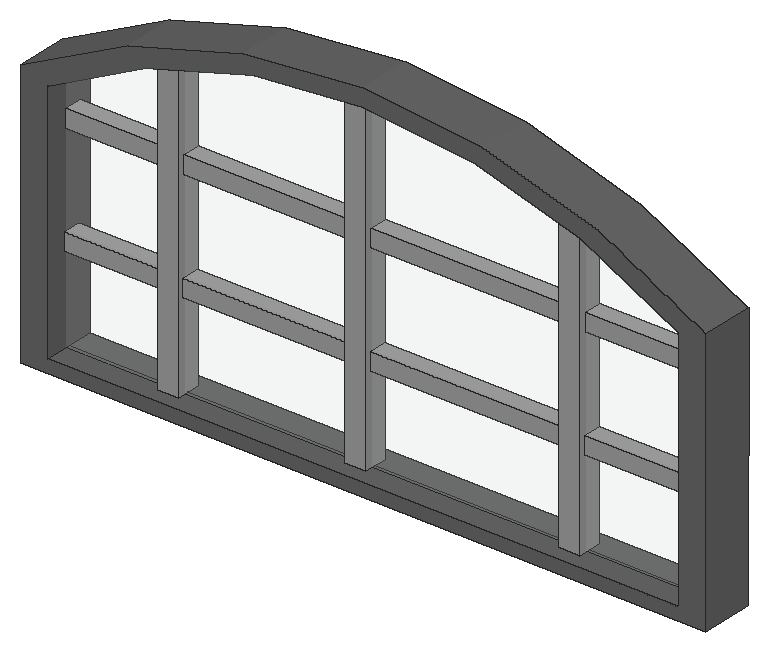
Revit family "Dormer vindu", category Windows, host Wall, Revit 2012
Parameters
  Height = 1500 mm
  Default Sill Height = 800 mm
  Wall Closure = By host
  Width = 1300 mm
Reference planes
  plane 1 "Center (Front/Back)": y = 0
  plane 2 "Center (Left/Right)": x = 0
  plane 3 "Left": x = -650
  plane 4 "Right": x = 650
  plane 5 "Sill": z = 800
  plane 6 "Head": z = 2300
  plane 7 "Exterior": y = 100
  plane 8 "Interior": y = -100
Forms (mm)
  Extrusion 1, solid, material "Gray"
    sketch origin (-5005, -100, 0) x (1, 0, 0) y (0, 0, 1)
      loop
        line (4401.362, 824.061) -> (5597.362, 824.061) -> (5597.362, 1288.87)
        arc (5597.362, 1288.87) -> (4999.362, 1462.934) -> (4401.362, 1288.87) r 1114.25
        line (4401.362, 1288.87) -> (4401.362, 824.061)
      loop
        line (4350, 800) -> (5650, 800) -> (5650, 1305.226)
        arc (5650, 1305.226) -> (5000, 1494.541) -> (4350, 1305.226) r 1210.526
        line (4350, 1305.226) -> (4350, 800)
    from -50 to -150
  Extrusion 2, solid, material "Rødt tre"
    sketch origin (-655.638, -100, 824.061) x (1, 0, 0) y (0, 1, 0)
      loop
        line (236.629, 80) -> (276.629, 80) -> (276.629, 125.471) -> (236.629, 125.471) -> (236.629, 80)
    from 0 to 579.817
  Extrusion 3, solid, material "Rødt tre"
    sketch origin (-300.638, -100, 824.061) x (1, 0, 0) y (0, 1, 0)
      loop
        line (236.629, 80) -> (276.629, 80) -> (276.629, 125.471) -> (236.629, 125.471) -> (236.629, 80)
    from 0 to 647.858
  Extrusion 4, solid, material "Rødt tre"
    sketch origin (105.734, -100.471, 824.061) x (1, 0, 0) y (0, 1, 0)
      loop
        line (236.629, 80) -> (276.629, 80) -> (276.629, 125.471) -> (236.629, 125.471) -> (236.629, 80)
    from 0 to 588.996
  Extrusion 5, solid, material "Rødt tre"
    sketch origin (-603.638, -98.261, 1337.509) x (0, 0, -1) y (0, 1, 0)
      loop
        line (137.715, 123.732) -> (105.19, 123.732) -> (105.19, 88.732) -> (137.715, 88.732) -> (137.715, 123.732)
    from 0 to 1196
  Extrusion 6, solid, material "Rødt tre"
    sketch origin (-603.638, -100, 1129.079) x (0, 0, -1) y (0, 1, 0)
      loop
        line (137.715, 123.732) -> (105.19, 123.732) -> (105.19, 88.732) -> (137.715, 88.732) -> (137.715, 123.732)
    from 0 to 1196
  Extrusion 7, solid, material "Glass"
    sketch origin (-5005, -50, 0) x (1, 0, 0) y (0, 0, 1)
      loop
        line (4401.362, 824.061) -> (5597.362, 824.061) -> (5597.362, 1288.87)
        arc (5597.362, 1288.87) -> (4999.362, 1462.934) -> (4401.362, 1288.87) r 1114.25
        line (4401.362, 1288.87) -> (4401.362, 824.061)
    from -50 to -44
Lines and regions (mm)
  Opening 1
    outline origin (3500, -100, 0) x (1, 0, 0) y (0, 0, 1)
      loop
        line (-2850, 800) -> (-2850, 1317.687)
        arc (-2850, 1317.687) -> (-3501.759, 1494.926) -> (-4150, 1305.226) r 1243.212
        line (-4150, 1305.226) -> (-4150, 800) -> (-2850, 800)
Text (mm)
  text "EXTERIOR" at (-1963.203, 1332.353, 0), in view "Ref. Level"
  text "INTERIOR" at (-1981.466, -818.386, 0), in view "Ref. Level"
  text "Exterior" at (0, 923.751, 2943.296), in view "Right"
  text "Exterior" at (0, 1040.484, 2685.409), in view "Left"
Dimensions and locks
  equal spacing: plane 3 "Left", plane 2 "Center (Left/Right)", plane 4 "Right"
  "Width": plane 3 "Left" to plane 4 "Right"
  "Height": plane 5 "Sill" to plane 6 "Head"
  "Default Sill Height": plane 5 "Sill" to level
  locked: plane 7 "Exterior" to host wall at 0
  locked: plane 8 "Interior" to host wall
  Opening 1 sketch curve to Opening 1 sketch curve = 505.226 mm
Automatic sketch dimensions
  plane 3 "Left" to Opening 1 sketch curve = 0 mm
  plane 4 "Right" to Opening 1 sketch curve = 0 mm
  Opening 1 sketch curve to plane 5 "Sill" = 0 mm
  Opening 1 sketch curve to plane 2 "Center (Left/Right)" = 10.157 mm
  level to Opening 1 sketch curve = 251.771 mm
  Extrusion 1 sketch curve to plane 5 "Sill" = 0 mm
  plane 3 "Left" to Extrusion 1 sketch curve = 5 mm
  Extrusion 1 sketch curve to plane 3 "Left" = 46.362 mm
  plane 2 "Center (Left/Right)" to Extrusion 1 sketch curve = 5.638 mm
  plane 2 "Center (Left/Right)" to Extrusion 1 sketch curve = 5 mm
  Extrusion 1 sketch curve to plane 5 "Sill" = 24.061 mm
  plane 4 "Right" to Extrusion 1 sketch curve = 57.638 mm
  plane 4 "Right" to Extrusion 1 sketch curve = 5 mm
  level to Extrusion 1 sketch curve = 348.683 mm
  Extrusion 1 sketch curve to Extrusion 1 sketch curve = 64.669 mm
  Extrusion 1 sketch curve to Extrusion 1 sketch curve = 464.808 mm
  Extrusion 1 sketch curve to Extrusion 1 sketch curve = 16.357 mm
  Extrusion 1 to Extrusion 2 sketch curve = 24.529 mm
  Extrusion 2 sketch curve to Extrusion 1 = 184.629 mm
  Extrusion 2 sketch curve to Extrusion 2 sketch curve = 40 mm
  Extrusion 1 to Extrusion 2 sketch curve = 30 mm
  Extrusion 1 to Extrusion 3 sketch curve = 24.529 mm
  Extrusion 3 sketch curve to Extrusion 1 = 539.629 mm
  Extrusion 3 sketch curve to Extrusion 3 sketch curve = 40 mm
  Extrusion 1 to Extrusion 3 sketch curve = 30 mm
  Extrusion 1 to Extrusion 4 sketch curve = 25 mm
  Extrusion 4 sketch curve to Extrusion 1 = 250 mm
  Extrusion 4 sketch curve to Extrusion 4 sketch curve = 40 mm
  Extrusion 1 to Extrusion 4 sketch curve = 29.529 mm
  Extrusion 1 to Extrusion 5 sketch curve = 24.529 mm
  Extrusion 5 sketch curve to Extrusion 1 = 56.551 mm
  Extrusion 5 sketch curve to Extrusion 5 sketch curve = 32.526 mm
  Extrusion 5 sketch curve to Extrusion 5 sketch curve = 35 mm
  Extrusion 1 to Extrusion 6 sketch curve = 26.268 mm
  Extrusion 1 to Extrusion 6 sketch curve = 199.828 mm
  Extrusion 6 sketch curve to Extrusion 6 sketch curve = 32.526 mm
  Extrusion 6 sketch curve to Extrusion 6 sketch curve = 35 mm
  Extrusion 7 sketch curve to Extrusion 1 = 0 mm  (x2)
  Extrusion 1 to Extrusion 7 sketch curve = 0 mm
  radius of Extrusion 7 sketch curve to Extrusion 1 = 0 mm
